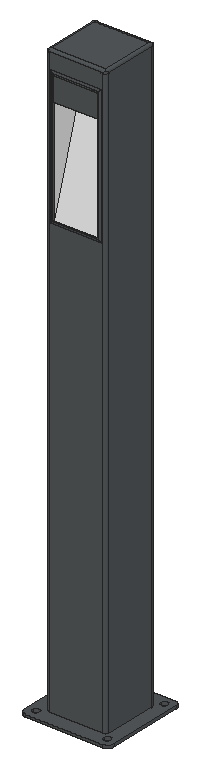
Revit family "svetilnik_alfresco_ar deko_dtu19", category Lighting Fixtures, Revit 2016 (continued)
Definition of nested family "Источник света Ар_Деко"
  Types (5, lengths in mm): name | Photometric Web File | built-in parameter 1150142
       0.2       0.2       0.2\r\n       0.2       0.2       0.2       0.2       0.2       0.2       0.2       0.2\r\n       0.2       0.2       0.2       0.2       0.2       0.2       0.2       0.2\r\n       0.2       0.2       0.2       0.2       0.3       0.2       0.2       0.2\r\n       0.2       0.2       0.3       0.3       0.2       0.3       0.3       0.3\r\n       0.3       0.3       0.3       0.2       0.2       0.3       0.3       0.2\r\n       0.2       0.2       0.2       0.2       0.1       0.1       0.1       0.1\r\n       0.1       0.1       0.0       0.0       0.0\r\n       0.0       0.0       0.3       0.2       0.3       0.2       0.2       0.2\r\n       0.3       0.3       0.3       0.3       4.6      78.9     142.8     185.9\r\n     223.5     262.1     318.1     370.2     458.1     526.7     535.8     533.9\r\n     533.3     532.6     534.8     534.8     534.7     533.1     535.8     535.6\r\n     535.7     535.4     531.6     532.7     531.1     524.8     522.6     522.4\r\n     517.1     515.0     512.4     511.3     510.4     507.2     504.4     500.2\r\n     495.5     493.1     489.6     486.2     479.2     471.1     450.6     421.7\r\n     391.2     365.6     348.9     339.1     318.4     302.9     291.3     277.1\r\n     263.7     243.6     235.5     228.9     210.2     192.3     180.0     172.6\r\n     155.7     137.7     122.3     103.6      91.6      83.6      66.9      43.2\r\n      19.9       5.3       0.9       0.2       0.2       0.2       0.2       0.2\r\n       0.2       0.2       0.2       0.2       0.2       0.2       0.2       0.2\r\n       0.2       0.2       0.2       0.2       0.2       0.2       0.2       0.2\r\n       0.2       0.2       0.2       0.2       0.2       0.2       0.2       0.2\r\n       0.2       0.2       0.2       0.2       0.2       0.2       0.2       0.2\r\n       0.2       0.2       0.2       0.2       0.2       0.2       0.2       0.2\r\n       0.2       0.2       0.2       0.2       0.2       0.2       0.2       0.2\r\n       0.2       0.2       0.2       0.2       0.2       0.2       0.2       0.2\r\n       0.2       0.2       0.2       0.3       0.3       0.3       0.2       0.3\r\n       0.2       0.3       0.3       0.3       0.3       0.3       0.3       0.3\r\n       0.3       0.3       0.3       0.3       0.2       0.3       0.3       0.3\r\n       0.3       0.2       0.2       0.2       0.1       0.1       0.1       0.1\r\n       0.1       0.1       0.0       0.0       0.0\r\n       0.0       0.0       0.3       0.2       0.3       0.2       0.2       0.2\r\n       0.3       0.4       0.3       0.4      10.6      91.2     152.8     193.3\r\n     230.4     273.9     332.1     387.0     483.5     527.0     529.1     529.4\r\n     531.5     532.1     536.3     536.5     537.8     536.7     535.4     534.9\r\n     532.4     531.9     530.5     529.1     529.4     528.0     526.3     524.6\r\n     525.1     522.4     517.3     512.3     511.7     507.9     504.6     502.8\r\n     500.7     498.3     492.5     485.9     477.2     465.6     443.3     418.5\r\n     391.4     362.9     344.9     330.7     313.0     297.6     290.6     281.1\r\n     263.8     246.0     234.3     224.1     209.5     195.4     181.9     171.7\r\n     155.3     138.6     124.0     103.1      91.1      79.4      62.1      44.5\r\n      23.2       5.7       0.5       0.2       0.2       0.2       0.2       0.2\r\n       0.2       0.2       0.2       0.2       0.2       0.2       0.2       0.2\r\n       0.2       0.2       0.2       0.2       0.2       0.2       0.2       0.2\r\n       0.2       0.2       0.2       0.2       0.2       0.2       0.2       0.2\r\n       0.2       0.2       0.2       0.2       0.2       0.2       0.2       0.2\r\n       0.2       0.2       0.2       0.2       0.2       0.2       0.2       0.2\r\n       0.2       0.2       0.2       0.2       0.2       0.2       0.2       0.2\r\n       0.2       0.2       0.2       0.2       0.2       0.2       0.2       0.3\r\n       0.3       0.3       0.2       0.3       0.3       0.3       0.3       0.3\r\n       0.3       0.3       0.3       0.3       0.3       0.3       0.3       0.3\r\n       0.3       0.3       0.3       0.3       0.3       0.3       0.3       0.3\r\n       0.3       0.2       0.2       0.2       0.1       0.1       0.1       0.1\r\n       0.1       0.1       0.0       0.0       0.0\r\n       0.0       0.0       0.3       0.2       0.3       0.2       0.2       0.2\r\n       0.3       0.4       0.3       0.4      19.5      97.9     159.2     203.3\r\n     245.7     295.2     350.0     404.0     496.9     525.7     524.4     525.9\r\n     528.8     531.2     533.4     534.8     536.6     538.5     538.2     539.2\r\n     538.2     540.7     540.6     536.5     534.0     532.2     531.4     526.1\r\n     526.9     524.4     521.8     521.5     519.9     514.6     513.7     509.8\r\n     498.4     495.1     493.8     488.0     480.8     466.4     440.6     408.7\r\n     379.6     362.8     346.4     330.2     310.8     298.1     290.5     272.1\r\n     256.8     243.4     235.9     223.3     203.5     188.3     179.2     168.8\r\n     150.6     134.1     115.7     101.8      91.0      78.6      60.2      38.3\r\n      17.5       3.9       0.6       0.2       0.2       0.2       0.2       0.2\r\n       0.2       0.2       0.2       0.2       0.2       0.2       0.2       0.2\r\n       0.2       0.2       0.2       0.2       0.2       0.2       0.2       0.2\r\n       0.2       0.2       0.2       0.2       0.2       0.2       0.2       0.2\r\n       0.2       0.2       0.2       0.2       0.2       0.2       0.2       0.2\r\n       0.2       0.2       0.2       0.2       0.2       0.2       0.2       0.2\r\n       0.2       0.2       0.2       0.3       0.2       0.2       0.3       0.2\r\n       0.2       0.2       0.3       0.2       0.3       0.2       0.3       0.3\r\n       0.3       0.3       0.3       0.3       0.3       0.3       0.3       0.3\r\n       0.3       0.3       0.3       0.3       0.3       0.3       0.3       0.3\r\n       0.3       0.3       0.3       0.3       0.3       0.3       0.3       0.3\r\n       0.3       0.3       0.3       0.2       0.1       0.1       0.1       0.1\r\n       0.1       0.1       0.0       0.0       0.0\r\n       0.0       0.0       0.3       0.2       0.3       0.2       0.2       0.2\r\n       0.3       0.4       0.3       0.4      27.1     103.7     162.8     210.4\r\n     255.5     309.3     364.3     425.8     510.3     529.1     530.1     531.7\r\n     534.6     534.5     535.2     538.5     534.0     540.3     539.5     538.3\r\n     540.7     536.3     536.0     536.8     535.5     531.1     530.8     530.1\r\n     526.4     524.1     525.1     522.4     521.5     515.4     513.3     512.8\r\n     508.9     506.9     502.3     496.8     490.9     468.4     443.5     414.8\r\n     386.1     363.2     350.0     332.8     313.4     300.0     291.4     276.8\r\n     258.7     244.6     235.6     223.8     206.8     194.0     185.6     173.6\r\n     152.3     136.6     116.8      97.9      87.4      74.9      59.9      38.1\r\n      17.2       2.9       0.3       0.3       0.2       0.2       0.2       0.3\r\n       0.2       0.2       0.3       0.3       0.2       0.2       0.2       0.2\r\n       0.2       0.2       0.2       0.2       0.2       0.2       0.2       0.2\r\n       0.3       0.2       0.2       0.2       0.2       0.2       0.3       0.2\r\n       0.2       0.2       0.2       0.3       0.3       0.3       0.3       0.2\r\n       0.2       0.3       0.2       0.3       0.3       0.3       0.3       0.3\r\n       0.3       0.3       0.3       0.3       0.3       0.3       0.3       0.3\r\n       0.3       0.3       0.3       0.3       0.3       0.3       0.3       0.3\r\n       0.3       0.3       0.3       0.3       0.3       0.3       0.3       0.3\r\n       0.3       0.3       0.3       0.3       0.3       0.3       0.3       0.3\r\n       0.3       0.3       0.3       0.3       0.3       0.3       0.3       0.3\r\n       0.3       0.3       0.3       0.2       0.1       0.1       0.1       0.1\r\n       0.1       0.1       0.0       0.0       0.0\r\n       0.0       0.0       0.3       0.2       0.3       0.2       0.2       0.2\r\n       0.3       0.4       0.3       0.6      31.4     109.5     166.2     212.1\r\n     254.3     309.1     362.6     435.6     513.3     535.3     537.2     539.5\r\n     537.0     540.4     539.5     539.5     539.6     539.4     537.3     538.8\r\n     537.9     538.1     537.0     536.2     539.1     541.1     538.4     538.2\r\n     538.6     537.6     532.5     525.5     520.7     518.0     517.1     513.8\r\n     508.3     506.1     504.3     499.0     484.4     463.9     431.7     401.4\r\n     376.5     358.3     347.3     327.1     306.1     298.5     290.2     274.7\r\n     259.1     247.4     238.4     223.1     203.6     190.6     182.0     167.2\r\n     147.1     131.8     112.2      98.5      88.8      76.2      56.0      35.6\r\n      16.4       2.5       0.3       0.3       0.3       0.3       0.3       0.3\r\n       0.3       0.3       0.3       0.3       0.3       0.3       0.3       0.3\r\n       0.3       0.3       0.3       0.3       0.3       0.3       0.3       0.3\r\n       0.3       0.3       0.3       0.3       0.3       0.3       0.3       0.3\r\n       0.3       0.3       0.3       0.3       0.3       0.3       0.3       0.3\r\n       0.3       0.3       0.3       0.3       0.3       0.3       0.3       0.3\r\n       0.3       0.3       0.3       0.3       0.3       0.3       0.3       0.3\r\n       0.3       0.3       0.3       0.3       0.3       0.3       0.3       0.3\r\n       0.3       0.3       0.3       0.3       0.3       0.3       0.3       0.3\r\n       0.3       0.3       0.3       0.3       0.3       0.3       0.3       0.3\r\n       0.3       0.3       0.3       0.3       0.3       0.3       0.3       0.3\r\n       0.3       0.3       0.3       0.2       0.1       0.1       0.1       0.1\r\n       0.1       0.1       0.0       0.0       0.0\r\n       0.0       0.0       0.3       0.2       0.3       0.2       0.2       0.2\r\n       0.3       0.4       0.3       0.7      35.3     114.3     169.4     211.3\r\n     250.7     303.9     354.9     436.0     514.4     537.1     540.8     543.3\r\n     541.3     544.1     541.7     541.0     541.5     539.4     542.7     541.0\r\n     540.1     542.3     542.6     540.3     537.2     536.8     537.3     537.3\r\n     535.5     532.3     527.4     527.7     528.8     527.2     521.5     520.9\r\n     517.6     510.3     502.1     495.9     483.4     457.5     430.2     403.3\r\n     375.2     356.3     343.1     328.7     313.9     303.7     291.4     268.9\r\n     251.3     243.9     234.3     221.1     204.0     192.2     185.5     172.6\r\n     151.8     135.7     114.9      99.8      87.9      71.9      54.3      36.2\r\n      11.9       1.9       0.3       0.3       0.3       0.3       0.3       0.3\r\n       0.3       0.3       0.3       0.3       0.3       0.3       0.3       0.3\r\n       0.3       0.3       0.3       0.3       0.3       0.3       0.3       0.3\r\n       0.3       0.3       0.3       0.3       0.3       0.3       0.3       0.3\r\n       0.3       0.3       0.3       0.3       0.3       0.3       0.3       0.3\r\n       0.3       0.3       0.3       0.3       0.3       0.3       0.3       0.3\r\n       0.3       0.3       0.3       0.3       0.3       0.3       0.3       0.3\r\n       0.3       0.3       0.3       0.3       0.3       0.3       0.3       0.3\r\n       0.3       0.3       0.3       0.3       0.3       0.3       0.3       0.3\r\n       0.3       0.3       0.3       0.3       0.3       0.3       0.3       0.3\r\n       0.3       0.3       0.3       0.3       0.4       0.3       0.3       0.3\r\n       0.3       0.3       0.3       0.2       0.1       0.1       0.1       0.1\r\n       0.1       0.1       0.0       0.0       0.0\r\n       0.0       0.0       0.3       0.2       0.3       0.2       0.2       0.2\r\n       0.3       0.4       0.3       0.7      40.0     116.6     170.4     211.8\r\n     252.8     307.4     357.2     439.0     514.5     533.9     539.0     540.9\r\n     541.5     540.2     540.5     542.9     542.6     541.7     538.4     538.3\r\n     537.7     537.4     538.8     542.3     537.9     537.5     538.0     534.0\r\n     531.1     530.1     530.4     528.4     524.9     526.0     523.7     518.4\r\n     512.6     507.1     501.8     494.2     478.4     454.0     426.9     395.5\r\n     372.9     358.1     341.9     323.2     309.6     299.7     288.2     270.6\r\n     252.3     243.9     234.1     218.3     203.0     193.9     184.1     168.5\r\n     147.5     130.7     109.3      94.1      86.6      74.5      54.5      28.8\r\n      12.5       2.7       0.4       0.3       0.3       0.3       0.3       0.3\r\n       0.3       0.3       0.3       0.3       0.3       0.3       0.3       0.3\r\n       0.3       0.3       0.3       0.3       0.3       0.3       0.3       0.3\r\n       0.3       0.3       0.3       0.3       0.3       0.3       0.3       0.3\r\n       0.3       0.3       0.3       0.3       0.3       0.3       0.3       0.3\r\n       0.3       0.3       0.3       0.3       0.3       0.3       0.3       0.3\r\n       0.3       0.4       0.3       0.3       0.3       0.3       0.3       0.3\r\n       0.3       0.3       0.3       0.3       0.4       0.4       0.3       0.4\r\n       0.4       0.4       0.3       0.4       0.4       0.4       0.4       0.3\r\n       0.3       0.3       0.4       0.4       0.4       0.3       0.3       0.4\r\n       0.3       0.3       0.3       0.3       0.4       0.3       0.3       0.3\r\n       0.3       0.3       0.3       0.2       0.1       0.1       0.1       0.1\r\n       0.1       0.1       0.0       0.0       0.0\r\n"
    1 | "DTU19ArDeco1,3w.ies" | "IESNA:LM-63-1995\r\n[TEST] alf\r\n[MANUFAC] Alfresco\r\n[LUMCAT]  \r\n[LUMINAIRE] Ar Deco LED 4000K\r\n[LAMPCAT] LED\r\n[LAMP] 100 lm, 1.3 W\r\n[OTHER] \r\n[MORE] \r\nTILT=NONE\r\n1 100 0.1 181 144 1 2 0.100 0.230 0.100\r\n1.0 1.0 1.3\r\n   0.0   1.0   2.0   3.0   4.0   5.0   6.0   7.0   8.0   9.0  10.0  11.0  12.0\r\n  13.0  14.0  15.0  16.0  17.0  18.0  19.0  20.0  21.0  22.0  23.0  24.0  25.0\r\n  26.0  27.0  28.0  29.0  30.0  31.0  32.0  33.0  34.0  35.0  36.0  37.0  38.0\r\n  39.0  40.0  41.0  42.0  43.0  44.0  45.0  46.0  47.0  48.0  49.0  50.0  51.0\r\n  52.0  53.0  54.0  55.0  56.0  57.0  58.0  59.0  60.0  61.0  62.0  63.0  64.0\r\n  65.0  66.0  67.0  68.0  69.0  70.0  71.0  72.0  73.0  74.0  75.0  76.0  77.0\r\n  78.0  79.0  80.0  81.0  82.0  83.0  84.0  85.0  86.0  87.0  88.0  89.0  90.0\r\n  91.0  92.0  93.0  94.0  95.0  96.0  97.0  98.0  99.0 100.0 101.0 102.0 103.0\r\n 104.0 105.0 106.0 107.0 108.0 109.0 110.0 111.0 112.0 113.0 114.0 115.0 116.0\r\n 117.0 118.0 119.0 120.0 121.0 122.0 123.0 124.0 125.0 126.0 127.0 128.0 129.0\r\n 130.0 131.0 132.0 133.0 134.0 135.0 136.0 137.0 138.0 139.0 140.0 141.0 142.0\r\n 143.0 144.0 145.0 146.0 147.0 148.0 149.0 150.0 151.0 152.0 153.0 154.0 155.0\r\n 156.0 157.0 158.0 159.0 160.0 161.0 162.0 163.0 164.0 165.0 166.0 167.0 168.0\r\n 169.0 170.0 171.0 172.0 173.0 174.0 175.0 176.0 177.0 178.0 179.0 180.0\r\n   0.0   2.5   5.0   7.5  10.0  12.5  15.0  17.5  20.0  22.5  25.0  27.5  30.0\r\n  32.5  35.0  37.5  40.0  42.5  45.0  47.5  50.0  52.5  55.0  57.5  60.0  62.5\r\n  65.0  67.5  70.0  72.5  75.0  77.5  80.0  82.5  85.0  87.5  90.0  92.5  95.0\r\n  97.5 100.0 102.5 105.0 107.5 110.0 112.5 115.0 117.5 120.0 122.5 125.0 127.5\r\n 130.0 132.5 135.0 137.5 140.0 142.5 145.0 147.5 150.0 152.5 155.0 157.5 160.0\r\n 162.5 165.0 167.5 170.0 172.5 175.0 177.5 180.0 182.5 185.0 187.5 190.0 192.5\r\n 195.0 197.5 200.0 202.5 205.0 207.5 210.0 212.5 215.0 217.5 220.0 222.5 225.0\r\n 227.5 230.0 232.5 235.0 237.5 240.0 242.5 245.0 247.5 250.0 252.5 255.0 257.5\r\n 260.0 262.5 265.0 267.5 270.0 272.5 275.0 277.5 280.0 282.5 285.0 287.5 290.0\r\n 292.5 295.0 297.5 300.0 302.5 305.0 307.5 310.0 312.5 315.0 317.5 320.0 322.5\r\n 325.0 327.5 330.0 332.5 335.0 337.5 340.0 342.5 345.0 347.5 350.0 352.5 355.0\r\n 357.5\r\n       0.0       0.0       0.3       0.2       0.3       0.2       0.2       0.2\r\n       0.3       0.4       0.3       0.6      42.2     117.1     170.7     214.2\r\n     258.7     319.6     369.3     451.0     520.0     533.0     535.9     537.3\r\n     538.1     538.9     540.3     540.7     541.3     539.5     539.1     541.1\r\n     537.8     538.1     538.0     534.4     536.2     536.2     536.0     534.2\r\n     534.6     534.5     531.1     526.4     523.8     518.6     512.4     510.6\r\n     507.9     508.0     504.1     496.7     479.1     456.8     426.3     398.5\r\n     375.1     358.5     344.5     328.6     309.2     299.3     289.2     271.3\r\n     255.6     247.7     236.6     219.3     199.9     188.8     177.4     168.0\r\n     146.3     133.2     112.5      99.6      89.3      71.8      54.9      33.8\r\n      15.4       2.2       0.4       0.3       0.3       0.3       0.3       0.3\r\n       0.3       0.3       0.3       0.3       0.3       0.3       0.3       0.3\r\n       0.3       0.3       0.3       0.3       0.3       0.3       0.3       0.3\r\n       0.3       0.3       0.3       0.3       0.3       0.3       0.3       0.3\r\n       0.3       0.3       0.4       0.3       0.3       0.3       0.3       0.3\r\n       0.3       0.3       0.3       0.3       0.3       0.3       0.3       0.3\r\n       0.3       0.3       0.3       0.3       0.4       0.3       0.3       0.3\r\n       0.3       0.3       0.3       0.3       0.3       0.3       0.3       0.4\r\n       0.3       0.4       0.3       0.3       0.4       0.4       0.3       0.3\r\n       0.3       0.3       0.4       0.4       0.4       0.3       0.4       0.3\r\n       0.4       0.3       0.3       0.3       0.3       0.3       0.3       0.3\r\n       0.3       0.3       0.3       0.2       0.1       0.1       0.1       0.1\r\n       0.1       0.1       0.0       0.0       0.0\r\n       0.0       0.0       0.3       0.2       0.3       0.2       0.2       0.2\r\n       0.3       0.4       0.3       0.5      41.0     117.7     171.3     215.4\r\n     260.8     325.4     378.6     456.3     517.0     532.5     531.2     530.6\r\n     533.8     535.4     537.1     536.8     539.4     539.8     540.8     537.7\r\n     538.8     539.1     536.6     538.5     538.5     534.2     532.0     530.3\r\n     527.0     525.0     524.0     520.7     516.4     516.6     521.3     520.7\r\n     515.6     508.0     502.8     491.4     475.0     452.1     422.1     394.1\r\n     372.7     356.3     342.1     325.4     311.5     302.9     290.4     269.2\r\n     249.8     239.8     231.4     216.1     200.7     190.4     184.1     168.2\r\n     151.5     134.0     110.8      93.3      87.5      70.4      51.7      31.3\r\n      11.2       1.4       0.3       0.2       0.3       0.3       0.2       0.3\r\n       0.3       0.3       0.3       0.3       0.3       0.3       0.3       0.3\r\n       0.3       0.3       0.3       0.3       0.3       0.3       0.3       0.3\r\n       0.3       0.3       0.3       0.3       0.3       0.3       0.3       0.3\r\n       0.3       0.3       0.3       0.3       0.3       0.3       0.3       0.3\r\n       0.3       0.3       0.3       0.3       0.3       0.3       0.3       0.3\r\n       0.3       0.3       0.3       0.3       0.3       0.3       0.3       0.3\r\n       0.3       0.3       0.3       0.3       0.3       0.3       0.3       0.3\r\n       0.3       0.3       0.3       0.3       0.3       0.3       0.3       0.3\r\n       0.3       0.3       0.3       0.3       0.3       0.3       0.3       0.3\r\n       0.3       0.3       0.3       0.3       0.3       0.3       0.3       0.3\r\n       0.3       0.3       0.3       0.2       0.1       0.1       0.1       0.1\r\n       0.1       0.1       0.0       0.0       0.0\r\n       0.0       0.0       0.3       0.2       0.3       0.2       0.2       0.2\r\n       0.3       0.4       0.3       0.5      37.1     116.6     171.3     213.0\r\n     256.4     316.4     371.9     447.1     517.9     530.3     527.4     530.0\r\n     532.0     533.4     534.7     538.3     537.7     537.7     539.1     537.0\r\n     539.6     538.7     536.7     536.3     535.7     535.0     531.7     528.4\r\n     525.6     522.4     519.0     519.8     521.5     516.3     509.2     504.6\r\n     499.6     497.0     491.2     484.9     473.6     454.6     426.7     394.4\r\n     372.6     354.1     339.1     322.1     304.7     296.7     285.9     264.5\r\n     250.2     241.4     232.9     222.3     204.4     193.5     181.5     167.0\r\n     144.6     128.3     108.2      97.8      87.7      72.8      54.3      33.6\r\n      13.7       2.0       0.3       0.3       0.3       0.3       0.3       0.3\r\n       0.3       0.3       0.3       0.3       0.3       0.3       0.3       0.3\r\n       0.3       0.3       0.3       0.3       0.3       0.3       0.3       0.3\r\n       0.3       0.3       0.3       0.3       0.3       0.3       0.3       0.3\r\n       0.3       0.3       0.3       0.3       0.3       0.3       0.3       0.3\r\n       0.3       0.3       0.3       0.3       0.3       0.3       0.3       0.3\r\n       0.3       0.3       0.3       0.3       0.3       0.2       0.3       0.2\r\n       0.3       0.3       0.3       0.3       0.3       0.3       0.3       0.3\r\n       0.3       0.3       0.3       0.3       0.3       0.3       0.3       0.3\r\n       0.3       0.3       0.3       0.3       0.3       0.3       0.3       0.3\r\n       0.3       0.3       0.3       0.3       0.3       0.3       0.3       0.3\r\n       0.3       0.3       0.3       0.2       0.1       0.1       0.1       0.1\r\n       0.1       0.1       0.0       0.0       0.0\r\n       0.0       0.0       0.3       0.2       0.3       0.2       0.2       0.2\r\n       0.3       0.4       0.3       0.4      31.5     112.4     168.7     208.9\r\n     248.4     300.9     354.4     425.2     517.9     531.8     530.2     529.9\r\n     530.6     536.5     536.2     538.3     536.7     539.1     540.4     539.2\r\n     537.9     531.5     533.7     529.8     525.5     525.8     526.8     527.4\r\n     527.9     526.1     524.3     519.1     514.8     507.6     503.3     501.5\r\n     500.6     497.9     490.3     484.7     474.8     447.6     417.2     391.8\r\n     365.8     347.7     336.4     320.2     303.1     292.4     281.7     264.5\r\n     248.6     241.5     230.1     215.3     197.6     185.6     180.3     164.6\r\n     145.8     129.7     111.5      94.4      87.2      71.8      52.4      30.0\r\n       9.8       1.8       0.3       0.2       0.2       0.2       0.2       0.2\r\n       0.2       0.2       0.2       0.2       0.2       0.2       0.2       0.2\r\n       0.2       0.2       0.2       0.2       0.2       0.2       0.2       0.2\r\n       0.2       0.2       0.2       0.2       0.2       0.2       0.2       0.2\r\n       0.2       0.2       0.2       0.2       0.2       0.2       0.2       0.3\r\n       0.2       0.2       0.2       0.3       0.3       0.2       0.2       0.2\r\n       0.2       0.2       0.2       0.2       0.2       0.2       0.2       0.3\r\n       0.3       0.3       0.3       0.3       0.3       0.3       0.3       0.3\r\n       0.3       0.3       0.3       0.3       0.3       0.3       0.3       0.3\r\n       0.3       0.3       0.3       0.3       0.3       0.3       0.3       0.3\r\n       0.3       0.3       0.3       0.3       0.3       0.3       0.3       0.3\r\n       0.3       0.3       0.3       0.2       0.1       0.1       0.1       0.1\r\n       0.1       0.1       0.0       0.0       0.0\r\n       0.0       0.0       0.3       0.2       0.3       0.2       0.2       0.2\r\n       0.3       0.4       0.3       0.4      24.8     106.4     163.6     206.3\r\n     243.7     291.4     344.2     412.1     509.4     531.4     536.1     533.0\r\n     534.5     532.9     533.5     534.3     531.7     535.9     534.5     534.5\r\n     533.7     536.8     533.2     532.0     529.5     529.5     526.3     520.8\r\n     518.4     513.6     509.1     504.7     501.3     500.4     500.1     498.3\r\n     494.3     492.8     492.5     486.7     472.0     455.7     428.9     397.0\r\n     373.1     355.6     342.6     322.3     305.8     298.4     287.7     272.8\r\n     252.2     238.0     232.3     218.8     200.2     187.3     178.3     166.9\r\n     148.8     131.4     112.9      98.6      86.1      72.1      52.4      35.6\r\n      14.2       2.5       0.3       0.2       0.2       0.2       0.2       0.2\r\n       0.2       0.2       0.2       0.2       0.2       0.2       0.2       0.2\r\n       0.2       0.2       0.2       0.2       0.2       0.2       0.2       0.2\r\n       0.2       0.2       0.2       0.2       0.2       0.2       0.2       0.2\r\n       0.2       0.2       0.2       0.2       0.2       0.2       0.2       0.2\r\n       0.2       0.2       0.2       0.2       0.2       0.2       0.2       0.2\r\n       0.2       0.2       0.2       0.2       0.2       0.2       0.2       0.2\r\n       0.2       0.2       0.2       0.3       0.3       0.3       0.3       0.3\r\n       0.3       0.2       0.3       0.3       0.3       0.3       0.3       0.3\r\n       0.3       0.2       0.3       0.3       0.3       0.3       0.3       0.3\r\n       0.3       0.3       0.3       0.3       0.3       0.3       0.3       0.3\r\n       0.3       0.3       0.3       0.2       0.1       0.1       0.1       0.1\r\n       0.1       0.1       0.0       0.0       0.0\r\n       0.0       0.0       0.3       0.2       0.3       0.2       0.2       0.2\r\n       0.3       0.3       0.3       0.4      17.1      98.3     157.9     203.3\r\n     243.5     288.8     341.5     399.2     498.2     531.6     536.5     539.6\r\n     536.4     535.9     534.9     534.3     537.2     534.7     532.7     533.5\r\n     531.0     532.8     532.9     531.4     529.8     523.6     521.7     518.2\r\n     512.8     512.5     514.0     513.7     510.4     508.2     506.0     498.4\r\n     492.2     489.1     485.6     482.1     471.4     456.6     430.8     403.0\r\n     372.4     350.6     337.0     324.2     306.0     294.1     282.4     263.5\r\n     245.0     237.5     228.3     216.6     199.1     184.5     174.7     163.3\r\n     145.1     131.5     113.4      96.6      84.9      69.5      52.7      30.9\r\n      11.2       1.5       0.2       0.2       0.2       0.2       0.2       0.2\r\n       0.2       0.2       0.2       0.2       0.2       0.2       0.2       0.2\r\n       0.2       0.2       0.2       0.2       0.2       0.2       0.2       0.2\r\n       0.2       0.2       0.2       0.2       0.2       0.2       0.2       0.2\r\n       0.2       0.2       0.2       0.2       0.2       0.2       0.2       0.2\r\n       0.2       0.2       0.2       0.2       0.2       0.2       0.2       0.2\r\n       0.2       0.2       0.2       0.2       0.2       0.2       0.2       0.2\r\n       0.2       0.2       0.2       0.2       0.2       0.2       0.3       0.2\r\n       0.2       0.2       0.2       0.3       0.2       0.3       0.3       0.2\r\n       0.3       0.3       0.3       0.3       0.3       0.3       0.3       0.3\r\n       0.3       0.3       0.3       0.3       0.3       0.3       0.3       0.3\r\n       0.3       0.3       0.3       0.2       0.1       0.1       0.1       0.1\r\n       0.1       0.1       0.0       0.0       0.0\r\n       0.0       0.0       0.3       0.2       0.3       0.2       0.2       0.2\r\n       0.3       0.3       0.3       0.3      10.3      87.0     151.7     196.3\r\n     240.3     285.3     341.4     390.0     481.8     528.6     532.2     535.8\r\n     537.8     534.6     535.8     536.9     531.3     531.2     531.1     530.2\r\n     530.5     528.0     526.8     526.7     526.2     527.2     525.7     523.0\r\n     522.0     521.3     519.5     512.2     509.3     506.1     499.4     493.6\r\n     491.7     489.9     484.0     481.1     477.4     461.1     435.9     406.7\r\n     376.0     357.7     343.1     328.4     309.8     294.8     284.4     275.9\r\n     255.3     241.5     231.8     221.0     201.3     186.3     177.9     166.5\r\n     151.5     131.3     114.1      94.6      84.8      75.3      57.0      38.1\r\n      17.3       3.9       0.3       0.2       0.2       0.2       0.2       0.2\r\n       0.2       0.2       0.2       0.2       0.2       0.2       0.2       0.2\r\n       0.2       0.2       0.2       0.2       0.2       0.2       0.2       0.2\r\n       0.2       0.2       0.2       0.2       0.2       0.2       0.2       0.2\r\n       0.2       0.2       0.2       0.2       0.2       0.2       0.2       0.2\r\n       0.2       0.2       0.2       0.2       0.2       0.2       0.2       0.2\r\n       0.2       0.2       0.2       0.2       0.2       0.2       0.2       0.2\r\n       0.2       0.2       0.2       0.2       0.2       0.2       0.2       0.2\r\n       0.2       0.2       0.2       0.2       0.2       0.2       0.2       0.3\r\n       0.2       0.3       0.3       0.2       0.3       0.2       0.3       0.2\r\n       0.3       0.3       0.3       0.3       0.3       0.3       0.3       0.3\r\n       0.3       0.3       0.3       0.2       0.1       0.1       0.1       0.1\r\n       0.1       0.1       0.0       0.0       0.0\r\n       0.0       0.0       0.3       0.2       0.3       0.2       0.2       0.2\r\n       0.3       0.3       0.3       0.3       5.6      74.0     142.7     185.2\r\n     227.7     273.3     331.6     380.2     456.3     516.8     525.8     527.5\r\n     529.4     529.3     531.3     530.5     530.9     531.4     533.3     533.4\r\n     529.7     529.5     529.1     528.6     524.5     522.5     521.5     523.8\r\n     519.8     515.4     510.4     509.3     510.5     504.9     496.0     496.7\r\n     495.8     485.4     481.7     478.5     470.5     458.7     435.0     404.8\r\n     378.5     352.6     336.8     324.0     302.7     289.1     279.9     268.3\r\n     250.2     234.6     224.6     215.6     198.0     184.8     177.1
